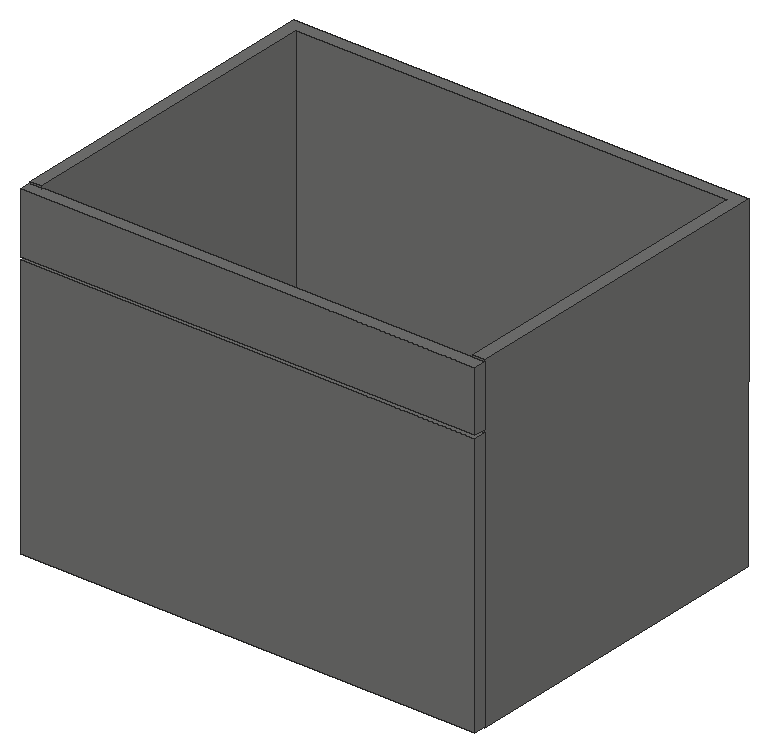
Revit family "GO_undercabinets", category Furniture, Revit 2019
Family settings
  OmniClass Number = 23.40.20.00
  OmniClass Title = General Furniture and Specialties
  Work Plane-Based = No
  Always vertical = Yes
  Cut with Voids When Loaded = No
  Shared = No
  Room Calculation Point = No
Parameters (values of type "Go 600 black matt")
  Width = 600 mm
  URL = "www.hafa.se"
  Svulsthöjd = 752.398 mm
  Surface finish = "Lacquered"
  Model = "Go under cabinets"
  Material front = "Moisure resistant MDF FSC and  E1 certified"
  Material body = "Moisture resistant chip board E1 certified"
  Manufacturer = "Hafa Bathroom Group AB"
  GTIN = "7330027103549"
  Finish = NCS S 8000-N 10% gloss anthracite
  ETIM = "EC011382"
  Depth = 450 mm
  Article number = "1580011"
Types (13, lengths in mm): name | Width | GTIN | Finish | Depth | Article number
  (no name) | 600 | "7330027103549" | NCS S 8000-N 10% gloss anthracite | 450 | "1580011"
  Go 600 white matt | 600 | "7330027103532" | NCS S 0300-N 20% gloss white matt | 450 | "1580010"
  Go 800 white matt | 800 | "7330027103556" | NCS S 0300-N 20% gloss white matt | 450 | "1580020"
  Go 1000 white matt | 1000 | "7330027103570" | NCS S 0300-N 20% gloss white matt | 450 | "1580030"
  Go 600 black matt | 600 | "7330027103549" | NCS S 8000-N 10% gloss anthracite | 450 | "1580011"
  Go 800 black matt | 800 | "7330027103563" | NCS S 9000-N 10% gloss black matt | 450 | "1580021"
  Go 1000 black matt | 1000 | "7330027103587" | NCS S 9000-N 10% gloss black matt | 450 | "1580031"
  Go 600 white highgloss | 600 | "7330027096827" | NCS S 0300-N 90% gloss white highgloss | 450 | "1580012"
  Go 800 white highgloss | 800 | "7330027096834" | NCS S 0300-N 90% gloss white highgloss | 450 | "1580022"
  Go 1000 white highgloss | 1000 | "7330027101941" | NCS S 0300-N 90% gloss white highgloss | 450 | "1580032"
  Go 600 compact white matt | 600 | "7330027096797" | NCS S 0300-N 20% gloss white matt | 385 | "1580101"
  Go 600 compact black matt | 600 | "7330027096780" | NCS S 9000-N 10% gloss black matt | 385 | "1580100"
  Go 600 compact white highgloss | 600 | "7330027096803" | NCS S 0300-N 90% gloss white highgloss | 385 | "1580102"
Reference planes
  plane 1 "Center (Front/Back)": y = 0
  plane 2: z = 0
  plane 3 "Center (Left/Right)": x = 0
  plane 4: x = -300
  plane 5: x = 300
  plane 6 "back": y = 225
  plane 7 "front": y = -225
  plane 8 "svulsthöjd": z = 752.398
Forms (mm)
  Extrusion 1, solid, material "NCS S 8000-N 10% gloss anthracite" <- "Finish"
    sketch origin (0, 0, 752.398) x (-1, 0, 0) y (0, -1, 0)
      loop
        line (300, -225) -> (300, 209) -> (-300, 209) -> (-300, -225) -> (300, -225)
    from 0 to -435
  Extrusion 2, solid, material "NCS S 8000-N 10% gloss anthracite" <- "Finish"
    sketch origin (300, -209, 752.398) x (-1, 0, 0) y (0, 0, -1)
      loop
        line (0, 2) -> (600, 2) -> (600, 82) -> (0, 82) -> (0, 2)
      loop
        line (600, 86) -> (600, 433) -> (0, 433) -> (0, 86) -> (600, 86)
    from 0 to 16
  Extrusion 3, void
    sketch origin (0, 0, 752.398) x (-1, 0, 0) y (0, -1, 0)
      loop
        line (284, -209) -> (284, 225) -> (-284, 225) -> (-284, -209) -> (284, -209)
    from 0 to -419
Cuts and joins
  Extrusion 3 cuts Extrusion 1
Dimensions and locks
  equal spacing: plane 6 "back", plane 1 "Center (Front/Back)", plane 7 "front"
  equal spacing: plane 4, plane 3 "Center (Left/Right)", plane 5
  "Width": plane 4 to plane 5
  "Depth": plane 6 "back" to plane 7 "front"
  "Svulsthöjd": plane 8 "svulsthöjd" to level
  plane 8 "svulsthöjd" to Extrusion 1 = 435 mm
  Extrusion 2 sketch curve to Extrusion 1 = 2 mm
  Extrusion 2 sketch curve to plane 8 "svulsthöjd" = 82 mm
  locked: Extrusion 1 to Extrusion 2 sketch curve at 2
  Extrusion 2 sketch curve to Extrusion 2 sketch curve = 4 mm
  plane 8 "svulsthöjd" to Extrusion 2 sketch curve to Extrusion 2 sketch curve = 2 mm locked, 80 mm locked
  locked: Extrusion 3 sketch curve to Extrusion 1 at 16  (x2)
  locked: Extrusion 1 to Extrusion 3 sketch curve at 16
  aligned and locked: level to plane 2
  aligned and locked: Extrusion 1 sketch curve to plane 6 "back"
  aligned and locked: plane 4 to Extrusion 1 sketch curve
  aligned and locked: Extrusion 1 sketch curve to plane 5
  aligned and locked: plane 7 "front" to Extrusion 3 sketch curve
Automatic sketch dimensions
  plane 7 "front" to Extrusion 1 sketch curve = 16 mm
  Extrusion 2 sketch curve to Extrusion 1 = 0 mm  (x4)
